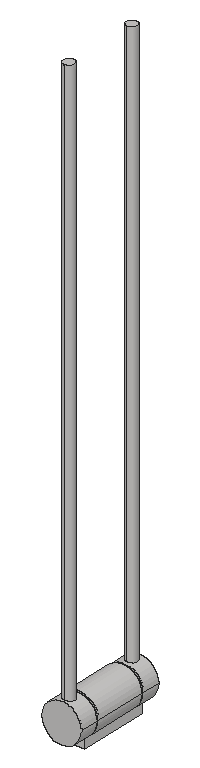
Revit family "KEUCO_14918010000", category Allgemeines Modell, Revit 2016
Family settings
  Teiletyp = Normal
  Kann Basisbauteil für Bewehrung sein = Nein
  Bemaßung runder Anschluss = Durchmesser verwenden
  Arbeitsebenenbasiert = Ja
  Immer vertikal = Nein
  Beim Laden mit Abzugskörper schneiden = Nein
  Gemeinsam genutzt = Nein
  Raumberechnungspunkt = Nein
Parameters (values of type "14918010000")
  Verwendung = "GWC / WP"  # constant formula
  URL = "https://www.keuco.com/de/produkte/sortiment/artikel/?pid=14918&oid=3&pgo=7&country=de&lang=de&vid=14918010000"
  Preisgruppe = ""
  Materialien bei Hersteller anfragen = "Anfrage zu:  objektmanagement@keuco.de"
  Material = Edelstahl
  Rail Length = 851 mm
  Kategorie = ""
  Gewicht = 0
  Description = ""  # constant formula
  Default Elevation = 1219.2 mm
  Serie = "Plan"  # constant formula
  Hersteller = "KEUCO"  # constant formula
  Assembly Code = ""
  Ausschreibungstext = "KEUCO PLAN Handtuchhalter 14918010000\r\nHochglanzverchromter Handtuchhalter \r\nin ästhetischem, funktionalem Design,\r\nzwei übereinander angeordnete, \r\nunabhängig voneinander seitlich schwenkbare Haltearme, \r\nantistatisch, leicht zu reinigen\r\nHöhe 69 mm, Ausladung 438 mm\r\nDer Handtuchhalter wird verdeckt angebracht\r\nLieferung inkl. korrosionsfreiem Befestigungsmaterial"
  Artikelnummer = "14918010000"
Types (3, lengths in mm): name | URL | Materialien bei Hersteller anfragen | Material | Ausschreibungstext | Artikelnummer
  14918010000 | "https://www.keuco.com/de/produkte/sortiment/artikel/?pid=14918&oid=3&pgo=7&country=de&lang=de&vid=14918010000" | "Anfrage zu:  objektmanagement@keuco.de" | Edelstahl | "KEUCO PLAN Handtuchhalter 14918010000\r\nHochglanzverchromter Handtuchhalter \r\nin ästhetischem, funktionalem Design,\r\nzwei übereinander angeordnete, \r\nunabhängig voneinander seitlich schwenkbare Haltearme, \r\nantistatisch, leicht zu reinigen\r\nHöhe 69 mm, Ausladung 438 mm\r\nDer Handtuchhalter wird verdeckt angebracht\r\nLieferung inkl. korrosionsfreiem Befestigungsmaterial" | "14918010000"
  14918070000 | "https://www.keuco.com/de/produkte/sortiment/artikel/?pid=14918&oid=3&pgo=7&country=de&lang=de&vid=14918070000" | "Request to:  objektmanagement@keuco.de" | Edelstahl | "KEUCO PLAN Handtuchhalter 14918070000\r\nHandtuchhalter aus hochwertigem Edelstahl \r\nin ästhetischem, funktionalem Design\r\nzwei übereinander angeordnete, \r\nunabhängig voneinander seitlich schwenkbare Haltearme, \r\nantistatisch, leicht zu reinigen\r\nHöhe 69 mm, Ausladung 438 mm\r\nDer Handtuchhalter wird verdeckt angebracht\r\nLieferung inkl. korrosionsfreiem Befestigungsmaterial" | "14918070000"
  14918170000 | "https://www.keuco.com/de/produkte/sortiment/artikel/?pid=14918&oid=3&pgo=7&country=de&lang=de&vid=14918170000" | "Request to:  objektmanagement@keuco.de" | Aluminium silber-eloxiert (E6 EV1) | "KEUCO PLAN Handtuchhalter 14918170000\r\nHandtuchhalter aus \r\nsilber-eloxiertem Aluminium (E6 EV1)/verchromt \r\nin ästhetischem, funktionalem Design\r\nzwei übereinander angeordnete, \r\nunabhängig voneinander seitlich schwenkbare Haltearme, \r\nantistatisch, leicht zu reinigen\r\nHöhe 69 mm, Ausladung 438 mm\r\nDie Wandhalterung ist als Design-Element hochglanzverchromt\r\nDer Handtuchhalter wird verdeckt angebracht\r\nLieferung inkl. korrosionsfreiem Befestigungsmaterial" | "14918170000"
Reference planes
  plane 1 "Center (Front/Back)": y = 0
  plane 2: z = 0
  plane 3 "Center (Left/Right)": x = 0
  plane 4: y = -34.5
  plane 5: y = -25.5
  plane 6: z = 438
  plane 7: y = -27.975
  plane 8: y = 34.5
  plane 9: y = 25.5
  plane 10: y = 27.975
  plane 11: y = 19.5
  plane 12: y = -19.5
Forms (mm)
  Extrusion 1, solid, material "Edelstahl" <- "Material"
    sketch origin (-9, 0, 0) x (-1, 0, 0) y (0, 0, 1)
      loop
        line (0, 0) -> (0, 6.249)
        arc (0, 6.249) -> (-9, 2.973) -> (-18, 6.249) r 14
        line (-18, 6.249) -> (-18, 0) -> (0, 0)
    from -25.5 to 25.5
  Extrusion 2, solid, material "Edelstahl" <- "Material"
    sketch origin (-9, 0, -28.204) x (-1, 0, 0) y (0, 0, 1)
      loop
        circle (-9, 45.177) r 14
    from -34.5 to -20.786
  Extrusion 3, solid, material "Edelstahl" <- "Material"
    sketch origin (-9, 0.828, 0) x (0, 1, 0) y (-1, 0, 0)
      loop
        circle (-28.803, -9) r 4
    from 23.662 to 438
  Extrusion 4, solid, material "Edelstahl" <- "Material"
    sketch origin (-9, 0, -28.204) x (-1, 0, 0) y (0, 0, -1)
      loop
        circle (-9, -45.177) r 14
    from -34.5 to -20.786
  Extrusion 5, solid, material "Edelstahl" <- "Material"
    sketch origin (-9, -0.828, 0) x (0, -1, 0) y (1, 0, 0)
      loop
        circle (-28.803, 9) r 4
    from 23.662 to 438
  Extrusion 6, solid, material "Edelstahl" <- "Material"
    sketch origin (-9, 25, -28.204) x (-1, 0, 0) y (0, 0, 1)
      loop
        circle (-9, 45.177) r 14
    from -44.5 to -5.5
Cuts and joins
  joined: Extrusion 2, Extrusion 3
  joined: Extrusion 4, Extrusion 5
Dimensions and locks
  Extrusion 1 sketch curve to Extrusion 1 sketch curve = 18 mm
  plane 6 to plane 2 = 438 mm  (x2)
  plane 8 to plane 11 = 15 mm
  plane 8 to plane 4 = 69 mm
  equal spacing: plane 8, plane 1 "Center (Front/Back)", plane 4
  plane 8 to cut or joined group of Extrusion 4, Extrusion 5 = 13.714 mm
  cut or joined group of Extrusion 2, Extrusion 3 to plane 4 = 13.714 mm
  plane 12 to plane 4 = 15 mm
  aligned and locked: level to plane 2
  aligned and locked: Extrusion 1 to plane 5
  aligned and locked: Extrusion 2 to plane 4
  aligned and locked: plane 6 to cut or joined group of Extrusion 2, Extrusion 3
  aligned and locked: cut or joined group of Extrusion 2, Extrusion 3 to plane 4
  aligned and locked: plane 8 to Extrusion 4
  aligned and locked: plane 11 to Extrusion 6
  aligned and locked: plane 12 to Extrusion 6
Automatic sketch dimensions
  Extrusion 1 sketch curve to level = 0 mm
  Extrusion 1 sketch curve to plane 3 "Center (Left/Right)" = 0 mm
  plane 3 "Center (Left/Right)" to Extrusion 1 sketch curve = 9 mm
  Extrusion 1 sketch curve to plane 3 "Center (Left/Right)" = 9 mm
  level to Extrusion 1 sketch curve = 6.249 mm
  Extrusion 1 sketch curve to Extrusion 1 sketch curve = 10.724 mm
  Extrusion 2 sketch curve to plane 3 "Center (Left/Right)" = 0 mm
  level to Extrusion 2 sketch curve = 16.973 mm
  Extrusion 3 sketch curve to plane 3 "Center (Left/Right)" = 0 mm
  Extrusion 3 sketch curve to plane 7 = 0 mm
  Extrusion 4 sketch curve to plane 3 "Center (Left/Right)" = 0 mm
  level to Extrusion 4 sketch curve = 16.973 mm
  Extrusion 5 sketch curve to plane 3 "Center (Left/Right)" = 0 mm
  plane 10 to Extrusion 5 sketch curve = 0 mm
  Extrusion 6 sketch curve to plane 3 "Center (Left/Right)" = 0 mm
  level to Extrusion 6 sketch curve = 16.973 mm
  radius of Extrusion 2 sketch curve = 14 mm
  radius of Extrusion 3 sketch curve = 4 mm
  radius of Extrusion 4 sketch curve = 14 mm
  radius of Extrusion 5 sketch curve = 4 mm
  radius of Extrusion 6 sketch curve = 14 mm
